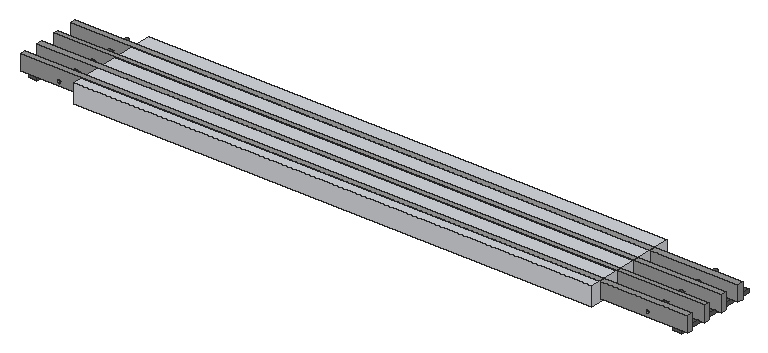
Revit family "1213-4, Solid", category Generic Models, host Face, Revit 2020
Family settings
  Host = Face
  Can host rebar = No
  Round Connector Dimension = Use Diameter
  Part Type = Normal
  Cut with Voids When Loaded = No
  Shared = No
  Room Calculation Point = No
Parameters
  min_value [instance] = 1' - 11 1/4"  # constant formula
  max_value [instance] = 11' - 11 1/4"  # constant formula
  actual_value [instance] = if(NET LENGTH < min_value, min_value, if(NET LENGTH > max_value, max_value, NET LENGTH))  # 7' - 11 1/4"
  NET LENGTH [instance] = 7' - 11 1/4"
  IMPORTANT NOTE!!!                                                                             *Backer & dowel layout is for visualization purposes only, final layout to be determined by 9Wood. [instance] = ""
  Default Elevation = 4' - 0"
  DOWEL RADIUS [instance] = 0' - 0 1/4"  # constant formula
  BACKING M MATERIAL [instance] = BLACK-BACKERS
  .. MEMBER WIDTH [instance] = 0' - 0 3/4"  # constant formula
  .. MEMBER MATERIAL [instance] = Solid Western Hemlock
  .. MEMBER DEPTH [instance] = 0' - 2 1/4"  # constant formula
  .. MEMBER COUNT [instance] = 4  # constant formula
Reference planes (in)
  plane 1 "Center (Front/Back)": y = 0
  plane 2: z = 2.726
  plane 3 "Center (Left/Right)": x = 0
Forms (in)
  Extrusion 1, solid
    sketch origin (15, -0.86619, -0.99308) x (0, 1, 0) y (-1, 0, 0)
      loop
        line (3.42869, -23.66817) -> (3.42869, 50.25) -> (-10, 50.25) -> (-10, -23.66817) -> (3.42869, -23.66817)
    from 3.71908 to 1.00111
Dimensions and locks (in)
  aligned and locked: plane 2 to Extrusion 1
Nested families (in)
  nested 1: "1200 Series" at (-44, -2, 1.87867), NET LENGTH <- "actual_value", DOWEL RADII <- "DOWEL RADIUS", .. MEMBER WIDTH <- ".. MEMBER WIDTH", .. MEMBER DEPTH <- ".. MEMBER DEPTH", .. MEMBER MATERIAL <- ".. MEMBER MATERIAL", BACKING M MATERIAL <- "BACKING M MATERIAL", .. MEMBER COUNT <- ".. MEMBER COUNT", type "1200 Series"
    with X 7' - 4", WIDTH 1' - 0 1/16", Space 0' - 0 11/16", START 0' - 0 3/8", SCRIM MATERIAL SCRIM, SCRIM 3 8' - 1", SCRIM 2 0' - 0 7/8", SCRIM 1 0' - 0 3/32", SCRIM yes, NET LENGTH 7' - 11 1/4", N 8, INSET 3 0' - 0 3/16", INSET 0' - 1", INDEX 0' - 5 5/8", END BACKER yes, DOWEL RADII 0' - 0 1/4", DOWEL COUNT 8, BACKING M WIDTH 0' - 1 1/4", BACKING M MATERIAL BLACK-BACKERS, BACKING M LENGTH 0' - 11 7/8", BACKING M DEPTH 0' - 0 1/2", .. MEMBER WIDTH 0' - 0 3/4", .. MEMBER OC TYP 0' - 3", .. MEMBER MATERIAL Solid Western Hemlock, .. MEMBER DEPTH 0' - 2 1/4", .. MEMBER COUNT 4
Definition of nested family "1200 Series"
  Parameters (values of type "1200 Series")
    X [instance] = NET LENGTH - (0' 3 5/8" * 2)  # 6' - 2"
    WIDTH [instance] = 1' - 0 1/16"
    Space [instance] = 0' - 0 11/16"  # constant formula
    START [instance] = .. MEMBER WIDTH / 2  # 0' - 0 3/8"
    SCRIM MATERIAL [instance] = none
    SCRIM 3 [instance] = NET LENGTH + (SCRIM 2 * 2)  # 6' - 11"
    SCRIM 2 [instance] = 0' - 0 7/8"
    SCRIM 1 [instance] = 0' - 0 3/32"
    SCRIM [instance] = yes
    NET LENGTH [instance] = 6' - 9 1/4"
    N [instance] = if((X - (rounddown(X / 1' 0") * 1' 0")) > 1' 0", rounddown(X / 1' 0") + 2, rounddown(X / 1' 0") + 1)  # 7
    INSET 3 [instance] = 0' - 0 3/16"
    INSET [instance] = 0' - 1"
    INDEX [instance] = (NET LENGTH - ((N - 1) * 1' 0")) / 2  # 0' - 4 5/8"
    END BACKER [instance] = yes
    Default Elevation = 0' - 0"
    DOWEL RADII [instance] = 0' - 0 1/4"
    DOWEL COUNT [instance] = N  # 7
    BACKING M WIDTH [instance] = 0' - 1 1/4"
    BACKING M MATERIAL [instance] = none
    BACKING M LENGTH [instance] = 0' - 11 7/8"
    BACKING M DEPTH [instance] = 0' - 0 1/2"
    .. MEMBER WIDTH [instance] = 0' - 0 3/4"
    .. MEMBER OC TYP [instance] = 1' 0" / .. MEMBER COUNT  # 0' - 3"
    .. MEMBER MATERIAL [instance] = none
    .. MEMBER DEPTH [instance] = 0' - 1 3/8"
    .. MEMBER COUNT [instance] = 4
  Reference planes (in)
    plane 1 "Center (Front/Back)": y = -7.5
    plane 2: z = 0
    plane 3 "Center (Left/Right)": x = 0
    plane 4: x = 1
    plane 5: x = 4.625
    plane 6: x = 81.25
    plane 7: x = 80.25
    plane 8: x = 16.625
    plane 9: y = -7.3125
    plane 10: y = -4.125
    plane 11: y = -7.125
    plane 12: y = 4.5625
    plane 13: y = -4.5
    plane 14: y = -7.59375
    plane 15: x = 82.125
    plane 16: y = 4.65625
    plane 17: x = -0.875
    plane 18: z = -1.375
    plane 19: z = -0.6875
  Lines and regions (in)
    model lines
      curve 1: line (4.375, -7.5, -0.6875) -> (4.875, -7.5, -0.6875)
    model lines, not visible
      curve 2: line (4.625, -7.5, -0.9375) -> (4.625, -7.5, -0.4375)
      curve 3: line (4.375, -7.5, -0.6875) -> (4.875, -7.5, -0.6875)
      curve 4: line (16.625, -7.5, -0.9375) -> (16.625, -7.5, -0.4375)
      curve 5: line (16.375, -7.5, -0.6875) -> (16.875, -7.5, -0.6875)
      curve 6: line (28.625, -7.5, -0.9375) -> (28.625, -7.5, -0.4375)
      curve 7: line (28.375, -7.5, -0.6875) -> (28.875, -7.5, -0.6875)
      curve 8: line (40.625, -7.5, -0.9375) -> (40.625, -7.5, -0.4375)
      curve 9: line (40.375, -7.5, -0.6875) -> (40.875, -7.5, -0.6875)
      curve 10: line (52.625, -7.5, -0.9375) -> (52.625, -7.5, -0.4375)
      curve 11: line (52.375, -7.5, -0.6875) -> (52.875, -7.5, -0.6875)
      curve 12: line (64.625, -7.5, -0.9375) -> (64.625, -7.5, -0.4375)
      curve 13: line (64.375, -7.5, -0.6875) -> (64.875, -7.5, -0.6875)
      curve 14: line (76.625, -7.5, -0.9375) -> (76.625, -7.5, -0.4375)
      curve 15: line (76.375, -7.5, -0.6875) -> (76.875, -7.5, -0.6875)
  Dimensions and locks (in)
    "NET LENGTH": plane 3 "Center (Left/Right)" to plane 6
    "INSET": plane 7 to plane 6
    "INDEX": plane 3 "Center (Left/Right)" to plane 5
    plane 5 to plane 8 = 1' - 0"
    "INSET 3": plane 1 "Center (Front/Back)" to plane 9
    equal spacing: group 1, group 2, group 3, group 4  (x3)
    "START": plane 11 to plane 1 "Center (Front/Back)"
    ".. MEMBER OC TYP": plane 10 to plane 11
    "WIDTH": plane 12 to plane 1 "Center (Front/Back)"
    "START": plane 10 to plane 13
    "SCRIM 1": plane 14 to plane 1 "Center (Front/Back)"
    "SCRIM 2": plane 6 to plane 15
    "SCRIM 1": plane 12 to plane 16
    "SCRIM 2": plane 17 to plane 3 "Center (Left/Right)"
    "INSET": plane 3 "Center (Left/Right)" to plane 4
    equal spacing: group 5, group 6, group 7, group 8, group 9, group 10, group 11  (x3)
    "Space": plane 19 to plane 18
    aligned and locked: level to plane 2
    aligned and locked: nested 1 to plane 4  (x2)
    aligned and locked: plane 7 to nested 2
    aligned and locked: plane 5 to nested 3
    aligned and locked: nested 1 to plane 9
    aligned and locked: plane 1 "Center (Front/Back)" to nested 4
    aligned and locked: plane 9 to nested 2
    aligned and locked: plane 13 to nested 5
    aligned and locked: nested 3 to plane 9
    aligned and locked: plane 18 to nested 1
    aligned and locked: plane 19 to nested 3
    aligned and locked: curve 1 to plane 19
    aligned and locked: plane 8 to curve 4
    aligned and locked: curve 5 to plane 19
    aligned and locked: nested 4 to plane 18
  Automatic sketch dimensions
    curve 1 to curve 1 = 0' - 0 1/2"
    curve 1 to plane 5 = 0' - 0 1/4"
    plane 5 to curve 1 = 0' - 0 1/4"
    curve 3 to curve 2 = 0' - 0 1/4"  (x2)
    curve 2 to curve 3 = 0' - 0 1/4"  (x2)
    curve 5 to curve 4 = 0' - 0 1/4"  (x2)
    curve 4 to curve 5 = 0' - 0 1/4"  (x2)
    curve 7 to curve 6 = 0' - 0 1/4"  (x2)
    curve 6 to curve 7 = 0' - 0 1/4"  (x2)
    curve 9 to curve 8 = 0' - 0 1/4"  (x2)
    curve 8 to curve 9 = 0' - 0 1/4"  (x2)
    curve 11 to curve 10 = 0' - 0 1/4"  (x2)
    curve 10 to curve 11 = 0' - 0 1/4"  (x2)
    curve 13 to curve 12 = 0' - 0 1/4"  (x2)
    curve 12 to curve 13 = 0' - 0 1/4"  (x2)
    curve 15 to curve 14 = 0' - 0 1/4"  (x2)
    curve 14 to curve 15 = 0' - 0 1/4"  (x2)
  Nested families (in)
    nested 1: "INSTANCE - 2ND -  EXTEND SIDE H CENTER W - Parametric Cube" at (1, -1.375, -1.375) x (0, -1, 0) z (0, 0, 1), Width <- "BACKING M LENGTH", Length <- "BACKING M WIDTH", Material <- "BACKING M MATERIAL", Height <- "BACKING M DEPTH", visible <- "END BACKER", type "INSTANCE - 2ND -  EXTEND SIDE H CENTER W - Parametric Cube"
      with Width 0' - 11 7/8", Material none, Length 0' - 1 1/4", Height 0' - 0 1/2"
    nested 2: "INSTANCE - 2ND -  EXTEND SIDE H CENTER W - Parametric Cube" at (80.25, -1.375, -1.375) x (0, -1, 0) z (0, 0, 1), Width <- "BACKING M LENGTH", Length <- "BACKING M WIDTH", Material <- "BACKING M MATERIAL", Height <- "BACKING M DEPTH", visible <- "END BACKER", type "INSTANCE - 2ND -  EXTEND SIDE H CENTER W - Parametric Cube"
      with Width 0' - 11 7/8", Material none, Length 0' - 1 1/4", Height 0' - 0 1/2"
    nested 3: "Family3" at (-5.375, -7.3125, -0.6875), DOWEL RADII <- "DOWEL RADII", BACKING MEM MATERIAL <- "BACKING M MATERIAL", type "Family3"
      with DOWEL RADII 0' - 0 1/4", DOWEL LENGTH 0' - 11 7/8", BACKING MEM MATERIAL none
    nested 4: "HOLED MEMBER" at (0, -18.75, 6.19404), DOWEL RADII <- "DOWEL RADII", .. MEMBER LENGTH <- "NET LENGTH", DOWEL COUNT <- "DOWEL COUNT", DEPTH <- ".. MEMBER DEPTH", .. MEMBER WIDTH <- ".. MEMBER WIDTH", Material <- ".. MEMBER MATERIAL", DOWEL INDEX <- "INDEX", Space 2 <- "Space", type "HOLED MEMBER"
      with Width 0' - 6", Space 2 0' - 0 11/16", Material none, Length 1' - 0", Height 0' - 10.43096", DOWEL RADII 0' - 0 1/4", DOWEL OC DIST 1' - 0", DOWEL INDEX 0' - 4 5/8", DOWEL COUNT 7, DEPTH 0' - 1 3/8", .. MEMBER WIDTH 0' - 0 3/4", .. MEMBER LENGTH 6' - 9 1/4"
    nested 5: "HOLED MEMBER" at (0, -15.75, 6.19404), DOWEL RADII <- "DOWEL RADII", .. MEMBER LENGTH <- "NET LENGTH", DOWEL COUNT <- "DOWEL COUNT", DEPTH <- ".. MEMBER DEPTH", .. MEMBER WIDTH <- ".. MEMBER WIDTH", Material <- ".. MEMBER MATERIAL", DOWEL INDEX <- "INDEX", Space 2 <- "Space", type "HOLED MEMBER"
      with Width 0' - 6", Space 2 0' - 0 11/16", Material none, Length 1' - 0", Height 0' - 10.43096", DOWEL RADII 0' - 0 1/4", DOWEL OC DIST 1' - 0", DOWEL INDEX 0' - 4 5/8", DOWEL COUNT 7, DEPTH 0' - 1 3/8", .. MEMBER WIDTH 0' - 0 3/4", .. MEMBER LENGTH 6' - 9 1/4"
    nested 6: "HOLED MEMBER" at (0, -12.75, 6.19404), DOWEL RADII <- "DOWEL RADII", .. MEMBER LENGTH <- "NET LENGTH", DOWEL COUNT <- "DOWEL COUNT", DEPTH <- ".. MEMBER DEPTH", .. MEMBER WIDTH <- ".. MEMBER WIDTH", Material <- ".. MEMBER MATERIAL", DOWEL INDEX <- "INDEX", Space 2 <- "Space", type "HOLED MEMBER"
      with Width 0' - 6", Space 2 0' - 0 11/16", Material none, Length 1' - 0", Height 0' - 10.43096", DOWEL RADII 0' - 0 1/4", DOWEL OC DIST 1' - 0", DOWEL INDEX 0' - 4 5/8", DOWEL COUNT 7, DEPTH 0' - 1 3/8", .. MEMBER WIDTH 0' - 0 3/4", .. MEMBER LENGTH 6' - 9 1/4"
    nested 7: "HOLED MEMBER" at (0, -9.75, 6.19404), DOWEL RADII <- "DOWEL RADII", .. MEMBER LENGTH <- "NET LENGTH", DOWEL COUNT <- "DOWEL COUNT", DEPTH <- ".. MEMBER DEPTH", .. MEMBER WIDTH <- ".. MEMBER WIDTH", Material <- ".. MEMBER MATERIAL", DOWEL INDEX <- "INDEX", Space 2 <- "Space", type "HOLED MEMBER"
      with Width 0' - 6", Space 2 0' - 0 11/16", Material none, Length 1' - 0", Height 0' - 10.43096", DOWEL RADII 0' - 0 1/4", DOWEL OC DIST 1' - 0", DOWEL INDEX 0' - 4 5/8", DOWEL COUNT 7, DEPTH 0' - 1 3/8", .. MEMBER WIDTH 0' - 0 3/4", .. MEMBER LENGTH 6' - 9 1/4"
    nested 8: "Family3" at (6.625, -7.3125, -0.6875), DOWEL RADII <- "DOWEL RADII", BACKING MEM MATERIAL <- "BACKING M MATERIAL", type "Family3"
      with DOWEL RADII 0' - 0 1/4", DOWEL LENGTH 0' - 11 7/8", BACKING MEM MATERIAL none
    nested 9: "Family3" at (18.625, -7.3125, -0.6875), DOWEL RADII <- "DOWEL RADII", BACKING MEM MATERIAL <- "BACKING M MATERIAL", type "Family3"
      with DOWEL RADII 0' - 0 1/4", DOWEL LENGTH 0' - 11 7/8", BACKING MEM MATERIAL none
    nested 10: "Family3" at (30.625, -7.3125, -0.6875), DOWEL RADII <- "DOWEL RADII", BACKING MEM MATERIAL <- "BACKING M MATERIAL", type "Family3"
      with DOWEL RADII 0' - 0 1/4", DOWEL LENGTH 0' - 11 7/8", BACKING MEM MATERIAL none
    nested 11: "Family3" at (42.625, -7.3125, -0.6875), DOWEL RADII <- "DOWEL RADII", BACKING MEM MATERIAL <- "BACKING M MATERIAL", type "Family3"
      with DOWEL RADII 0' - 0 1/4", DOWEL LENGTH 0' - 11 7/8", BACKING MEM MATERIAL none
    nested 12: "Family3" at (54.625, -7.3125, -0.6875), DOWEL RADII <- "DOWEL RADII", BACKING MEM MATERIAL <- "BACKING M MATERIAL", type "Family3"
      with DOWEL RADII 0' - 0 1/4", DOWEL LENGTH 0' - 11 7/8", BACKING MEM MATERIAL none
    nested 13: "Family3" at (66.625, -7.3125, -0.6875), DOWEL RADII <- "DOWEL RADII", BACKING MEM MATERIAL <- "BACKING M MATERIAL", type "Family3"
      with DOWEL RADII 0' - 0 1/4", DOWEL LENGTH 0' - 11 7/8", BACKING MEM MATERIAL none
  Definition of nested family "INSTANCE - 2ND -  EXTEND SIDE H CENTER W - Parametric Cube"
    Parameters (values of type "INSTANCE - 2ND -  EXTEND SIDE H CENTER W - Parametric Cube")
      Width [instance] = 0' - 6"
      Material [instance] = none
      Length [instance] = 1' - 0"
      Height [instance] = 1' - 6"
      Default Elevation = 0' - 0"
    Reference planes (in)
      plane 1 "Center (Front/Back)": y = 0
      plane 2: z = 0
      plane 3 "Center (Left/Right)": x = 0
      plane 4: x = -3
      plane 5: x = 3
      plane 6: y = 12
      plane 7: z = -18
    Forms (in)
      Extrusion 1, solid, material <- "Material"
        sketch origin (0, 6, 0) x (1, 0, 0) y (0, 1, 0)
          loop
            line (-3, 6) -> (-3, -6) -> (3, -6) -> (3, 6) -> (-3, 6)
        from -18 to 0
    Dimensions and locks (in)
      equal spacing: plane 4, plane 3 "Center (Left/Right)", plane 5
      "Width": plane 4 to plane 5
      "Height": plane 7 to level
      "Length": plane 1 "Center (Front/Back)" to plane 6
      aligned and locked: plane 2 to level
      aligned and locked: plane 4 to Extrusion 1 sketch curve
      aligned and locked: Extrusion 1 sketch curve to plane 5
      aligned and locked: Extrusion 1 to plane 7
      aligned and locked: plane 6 to Extrusion 1
    Automatic sketch dimensions
      plane 1 "Center (Front/Back)" to Extrusion 1 sketch curve = 0' - 0"
      plane 6 to Extrusion 1 sketch curve = 0' - 0"
  Definition of nested family "Family3"
    Parameters (values of type "Family3")
      Default Elevation = 0' - 0"
      DOWEL RADII [instance] = 0' - 0 5/8"
      DOWEL LENGTH [instance] = 0' - 5"
      BACKING MEM MATERIAL [instance] = none
    Reference planes (in)
      plane 1 "Center (Front/Back)": y = 0
      plane 2: z = 0
      plane 3 "Center (Left/Right)": x = 0
      plane 4: y = 5
    Forms (in)
      Extrusion 1, solid, material <- "BACKING MEM MATERIAL"
        sketch origin (10, 0, 0) x (1, 0, 0) y (0, 0, 1)
          loop
            circle (0, 0) r 0.625
        from 0 to -5
      Extrusion 2, solid, not visible
        sketch origin (0, 0, 0) x (1, 0, 0) y (0, 0, 1)
          loop
            circle (0, 0) r 0.625
        from 0 to 12
      Extrusion 3, solid, not visible
        sketch origin (10, 0, 0) x (1, 0, 0) y (0, 0, 1)
          loop
            circle (0, 0) r 0.625
        from 0 to 2.5
      Extrusion 4, solid, not visible
        sketch origin (10, 0, 0) x (1, 0, 0) y (0, 0, 1)
          loop
            circle (0, 0) r 0.625
        from 0 to -12
    Lines and regions (in)
      model lines, not visible
        curve 1: line (-13, 0, 0) -> (-13, -12, 0)
        curve 2: line (13, 0, 0) -> (13, -12, 0)
        curve 3: line (9.89453, 0, 0) -> (10.08794, 0, 0)
        curve 4: line (9.89453, -2.5, 0) -> (10.08794, -2.5, 0)
        curve 6: line (10, 0, 0) -> (10, 2, 0)
      model lines
        curve 5: line (10, 0, 0) -> (10, 2, 0)
    Dimensions and locks (in)
      "DOWEL LENGTH": plane 1 "Center (Front/Back)" to plane 4
      "DOWEL RADII": radius of Extrusion 1 sketch curve
      "DOWEL RADII": radius of Extrusion 2 sketch curve
      "DOWEL RADII": radius of Extrusion 3 sketch curve
      "DOWEL RADII": radius of Extrusion 4 sketch curve
      "DOWEL RADII": radius of Extrusion 1
      aligned and locked: plane 2 to level
      aligned and locked: Extrusion 1 to plane 1 "Center (Front/Back)"  (x3)
      aligned and locked: plane 1 "Center (Front/Back)" to Extrusion 1
      aligned and locked: plane 4 to Extrusion 1
    Automatic sketch dimensions
      plane 1 "Center (Front/Back)" to curve 5 = 0' - 0"
      curve 5 to plane 1 "Center (Front/Back)" = 0' - 2"
      plane 3 "Center (Left/Right)" to curve 5 = 0' - 10"
      Extrusion 1 sketch curve to level = 0' - 0"
      plane 3 "Center (Left/Right)" to Extrusion 1 sketch curve = 0' - 10"
  Definition of nested family "HOLED MEMBER"
    Parameters (values of type "HOLED MEMBER")
      Width [instance] = 0' - 6"
      Space 2 [instance] = 0' - 0 5/8"
      Space = 0' - 0 5/8"
      Material [instance] = none
      Length [instance] = 1' - 0"
      Height [instance] = 0' - 10.43096"
      Default Elevation = 0' - 0"
      DOWEL RADII [instance] = 0' - 0.34537"
      DOWEL OC DIST [instance] = 1' - 0"
      DOWEL INSET = 0' - 0 5/8"
      DOWEL INDEX [instance] = 0' - 5 5/8"
      DOWEL COUNT [instance] = 6
      DEPTH [instance] = 0' - 2"
      .. MEMBER WIDTH [instance] = 0' - 0 5/8"
      .. MEMBER LENGTH [instance] = 5' - 11 3/4"
    Reference planes (in)
      plane 1 "Center (Front/Back)": y = 12
      plane 2: z = -7.56904
      plane 3 "Center (Left/Right)": x = 0
      plane 4: x = 5.625
      plane 5: x = 17.625
      plane 6: y = 11.375
      plane 7: x = 71.75
      plane 8: z = -6.94404
      plane 9: z = -5.56904
    Forms (in)
      Extrusion 1, solid, material <- "Material"
        sketch origin (0, 12, -13.56904) x (1, 0, 0) y (0, 0, 1)
          loop
            line (0, 6) -> (71.75, 6) -> (71.75, 8) -> (0, 8) -> (0, 6)
        from 0.625 to 0
      Extrusion 2, void
        sketch origin (0, 12, -18.31904) x (1, 0, 0) y (0, 0, 1)
          loop
            circle (5.625, 11.375) r 0.34537
        from 0 to 12
      Extrusion 3, void, not visible
        sketch origin (0, 1.25, 0) x (1, 0, 0) y (0, 1, 0)
          loop
            circle (5.625, 11.375) r 0.34537
        from 0 to 12
      Extrusion 4, void, not visible
        sketch origin (0, 1.25, 0) x (1, 0, 0) y (0, 1, 0)
          loop
            circle (5.625, 11.375) r 0.34537
        from 0 to 12
      Extrusion 5, void, not visible
        sketch origin (12, 1.25, 0) x (1, 0, 0) y (0, 1, 0)
          loop
            circle (5.625, 11.375) r 0.34537
        from 0 to 12
      Extrusion 6, void, not visible
        sketch origin (0, 12, -16.31904) x (1, 0, 0) y (0, 0, 1)
          loop
            circle (5.625, 11.375) r 0.34537
        from 0 to 12
      Extrusion 7, void, not visible
        sketch origin (12, 12, -16.31904) x (1, 0, 0) y (0, 0, 1)
          loop
            circle (5.625, 11.375) r 0.34537
        from 0 to 12
      Extrusion 8, void, not visible
        sketch origin (0, 12, -18.31904) x (1, 0, 0) y (0, 0, 1)
          loop
            circle (5.625, 11.375) r 0.34537
        from 0 to 12
      Extrusion 9, void
        sketch origin (12, 12, -18.31904) x (1, 0, 0) y (0, 0, 1)
          loop
            circle (5.625, 11.375) r 0.34537
        from 0 to 12
      Extrusion 10, void, not visible
        sketch origin (24, 12, -16.31904) x (1, 0, 0) y (0, 0, 1)
          loop
            circle (5.625, 11.375) r 0.34537
        from 0 to 12
      Extrusion 11, void, not visible
        sketch origin (36, 12, -16.31904) x (1, 0, 0) y (0, 0, 1)
          loop
            circle (5.625, 11.375) r 0.34537
        from 0 to 12
      Extrusion 12, void, not visible
        sketch origin (48, 12, -16.31904) x (1, 0, 0) y (0, 0, 1)
          loop
            circle (5.625, 11.375) r 0.34537
        from 0 to 12
      Extrusion 13, void, not visible
        sketch origin (60, 12, -16.31904) x (1, 0, 0) y (0, 0, 1)
          loop
            circle (5.625, 11.375) r 0.34537
        from 0 to 12
      Extrusion 14, void, not visible
        sketch origin (24, 1.25, 0) x (1, 0, 0) y (0, 1, 0)
          loop
            circle (5.625, 11.375) r 0.34537
        from 0 to 12
      Extrusion 15, void, not visible
        sketch origin (36, 1.25, 0) x (1, 0, 0) y (0, 1, 0)
          loop
            circle (5.625, 11.375) r 0.34537
        from 0 to 12
      Extrusion 16, void, not visible
        sketch origin (48, 1.25, 0) x (1, 0, 0) y (0, 1, 0)
          loop
            circle (5.625, 11.375) r 0.34537
        from 0 to 12
      Extrusion 17, void, not visible
        sketch origin (60, 1.25, 0) x (1, 0, 0) y (0, 1, 0)
          loop
            circle (5.625, 11.375) r 0.34537
        from 0 to 12
      Extrusion 18, void
        sketch origin (24, 12, -18.31904) x (1, 0, 0) y (0, 0, 1)
          loop
            circle (5.625, 11.375) r 0.34537
        from 0 to 12
      Extrusion 19, void
        sketch origin (36, 12, -18.31904) x (1, 0, 0) y (0, 0, 1)
          loop
            circle (5.625, 11.375) r 0.34537
        from 0 to 12
      Extrusion 20, void
        sketch origin (48, 12, -18.31904) x (1, 0, 0) y (0, 0, 1)
          loop
            circle (5.625, 11.375) r 0.34537
        from 0 to 12
      Extrusion 21, void
        sketch origin (60, 12, -18.31904) x (1, 0, 0) y (0, 0, 1)
          loop
            circle (5.625, 11.375) r 0.34537
        from 0 to 12
    Cuts and joins
      Extrusion 2, Extrusion 9, Extrusion 18, Extrusion 19, Extrusion 20, Extrusion 21 cuts Extrusion 1
    Lines and regions (in)
      model lines, not visible
        curve 1: line (5.625, 11.72037, 0) -> (5.625, 11.02963, 0)
        curve 2: line (5.625, 11.72037, 0) -> (5.625, 11.02963, 0)
        curve 3: line (17.625, 11.72037, 0) -> (17.625, 11.02963, 0)
        curve 4: line (5.625, 12, -7.56904) -> (5.625, 11.87317, -7.56904)
        curve 5: line (5.625, 11.87317, -7.56904) -> (5.06195, 11.87317, -7.56904)
        curve 6: line (5.06195, 11.87317, -7.56904) -> (5.27963, 11.375, -7.56904)
        curve 7: line (0, 12, -6.19404) -> (0, 11.61951, -6.19404)
        curve 8: line (0, 11.375, -8.19404) -> (0, 11.6747, -8.19404)
        curve 9: line (5.625, 12, -7.56904) -> (5.625, 11.69863, -7.56904)
        curve 11: line (5.625, 12, 0) -> (5.625, 12, 0.30137)
        curve 12: line (5.625, 12, 0) -> (5.625, 12, 0.30137)
        curve 13: line (17.625, 12, 0) -> (17.625, 12, 0.30137)
        curve 14: line (5.625, 12, -5.56904) -> (5.625, 11.69863, -5.56904)
        curve 15: line (17.625, 12, -5.56904) -> (17.625, 11.69863, -5.56904)
        curve 16: line (5.625, 12, -7.56904) -> (5.625, 11.69863, -7.56904)
        curve 18: line (29.625, 12, -5.56904) -> (29.625, 11.69863, -5.56904)
        curve 19: line (41.625, 12, -5.56904) -> (41.625, 11.69863, -5.56904)
        curve 20: line (53.625, 12, -5.56904) -> (53.625, 11.69863, -5.56904)
        curve 21: line (65.625, 12, -5.56904) -> (65.625, 11.69863, -5.56904)
        curve 22: line (29.625, 11.72037, 0) -> (29.625, 11.02963, 0)
        curve 23: line (29.625, 12, 0) -> (29.625, 12, 0.30137)
        curve 24: line (41.625, 11.72037, 0) -> (41.625, 11.02963, 0)
        curve 25: line (41.625, 12, 0) -> (41.625, 12, 0.30137)
        curve 26: line (53.625, 11.72037, 0) -> (53.625, 11.02963, 0)
        curve 27: line (53.625, 12, 0) -> (53.625, 12, 0.30137)
        curve 28: line (65.625, 11.72037, 0) -> (65.625, 11.02963, 0)
        curve 29: line (65.625, 12, 0) -> (65.625, 12, 0.30137)
        curve 35: line (5.27963, 12.625, 0) -> (5.97037, 12.625, 0)
        curve 36: line (5.27963, 12.625, 0) -> (5.97037, 12.625, 0)
        curve 37: line (17.27963, 12.625, 0) -> (17.97037, 12.625, 0)
        curve 38: line (5.27963, 12, -4.94404) -> (5.97037, 12, -4.94404)
        curve 39: line (17.27963, 12, -4.94404) -> (17.97037, 12, -4.94404)
        curve 40: line (5.27963, 12, -6.94404) -> (5.97037, 12, -6.94404)
        curve 42: line (29.27963, 12, -4.94404) -> (29.97037, 12, -4.94404)
        curve 43: line (41.27963, 12, -4.94404) -> (41.97037, 12, -4.94404)
        curve 44: line (53.27963, 12, -4.94404) -> (53.97037, 12, -4.94404)
        curve 45: line (65.27963, 12, -4.94404) -> (65.97037, 12, -4.94404)
        curve 46: line (29.27963, 12.625, 0) -> (29.97037, 12.625, 0)
        curve 47: line (41.27963, 12.625, 0) -> (41.97037, 12.625, 0)
        curve 48: line (53.27963, 12.625, 0) -> (53.97037, 12.625, 0)
        curve 49: line (65.27963, 12.625, 0) -> (65.97037, 12.625, 0)
        curve 54: line (0, 12, -6.94404) -> (0, 4.22059, -6.94404)
        curve 55: line (0, 12.625, 0) -> (0, 12.625, 7.77941)
        curve 56: line (0, 12.625, 0) -> (0, 12.625, 7.77941)
        curve 57: line (12, 12.625, 0) -> (12, 12.625, 7.77941)
        curve 58: line (0, 12, -4.94404) -> (0, 4.22059, -4.94404)
        curve 59: line (12, 12, -4.94404) -> (12, 4.22059, -4.94404)
        curve 60: line (0, 12, -6.94404) -> (0, 4.22059, -6.94404)
        curve 61: line (12, 12, -6.94404) -> (12, 4.22059, -6.94404)
        curve 62: line (24, 12, -4.94404) -> (24, 4.22059, -4.94404)
        curve 63: line (36, 12, -4.94404) -> (36, 4.22059, -4.94404)
        curve 64: line (48, 12, -4.94404) -> (48, 4.22059, -4.94404)
        curve 65: line (60, 12, -4.94404) -> (60, 4.22059, -4.94404)
        curve 66: line (24, 12.625, 0) -> (24, 12.625, 7.77941)
        curve 67: line (36, 12.625, 0) -> (36, 12.625, 7.77941)
        curve 68: line (48, 12.625, 0) -> (48, 12.625, 7.77941)
        curve 69: line (60, 12.625, 0) -> (60, 12.625, 7.77941)
        curve 70: line (24, 12, -6.94404) -> (24, 4.22059, -6.94404)
        curve 71: line (36, 12, -6.94404) -> (36, 4.22059, -6.94404)
        curve 72: line (48, 12, -6.94404) -> (48, 4.22059, -6.94404)
        curve 73: line (60, 12, -6.94404) -> (60, 4.22059, -6.94404)
      model lines
        curve 10: line (5.625, 12, -7.56904) -> (5.625, 11.69863, -7.56904)
        curve 17: line (17.625, 12, -7.56904) -> (17.625, 11.69863, -7.56904)
        curve 30: line (29.625, 12, -7.56904) -> (29.625, 11.69863, -7.56904)
        curve 31: line (41.625, 12, -7.56904) -> (41.625, 11.69863, -7.56904)
        curve 32: line (53.625, 12, -7.56904) -> (53.625, 11.69863, -7.56904)
        curve 33: line (65.625, 12, -7.56904) -> (65.625, 11.69863, -7.56904)
        curve 34: line (5.27963, 12, -6.94404) -> (5.97037, 12, -6.94404)
        curve 41: line (17.27963, 12, -6.94404) -> (17.97037, 12, -6.94404)
        curve 50: line (29.27963, 12, -6.94404) -> (29.97037, 12, -6.94404)
        curve 51: line (41.27963, 12, -6.94404) -> (41.97037, 12, -6.94404)
        curve 52: line (53.27963, 12, -6.94404) -> (53.97037, 12, -6.94404)
        curve 53: line (65.27963, 12, -6.94404) -> (65.97037, 12, -6.94404)
    Dimensions and locks (in)
      "DOWEL INDEX": plane 3 "Center (Left/Right)" to plane 4
      "DOWEL OC DIST": plane 4 to plane 5
      ".. MEMBER LENGTH": plane 3 "Center (Left/Right)" to plane 7
      equal spacing: group 3, group 4, group 17, group 18, group 19, group 20  (x3)
      equal spacing: group 7, group 8, group 13, group 14, group 15, group 16  (x3)
      equal spacing: group 1, group 12, group 21, group 22, group 23, group 24  (x3)
      ".. MEMBER WIDTH": plane 6 to plane 1 "Center (Front/Back)"
      "DEPTH": plane 9 to level
      "Space 2": plane 8 to level
      "DOWEL RADII": radius of Extrusion 2 sketch curve
      "DOWEL RADII": radius of Extrusion 3 sketch curve
      "DOWEL RADII": radius of Extrusion 4 sketch curve
      "DOWEL RADII": radius of Extrusion 5 sketch curve
      "DOWEL RADII": radius of Extrusion 6 sketch curve
      "DOWEL RADII": radius of Extrusion 7 sketch curve
      "DOWEL RADII": radius of Extrusion 8 sketch curve
      "DOWEL RADII": radius of Extrusion 9 sketch curve
      "DOWEL RADII": radius of Extrusion 10 sketch curve
      "DOWEL RADII": radius of Extrusion 11 sketch curve
      "DOWEL RADII": radius of Extrusion 12 sketch curve
      "DOWEL RADII": radius of Extrusion 13 sketch curve
      "DOWEL RADII": radius of Extrusion 14 sketch curve
      "DOWEL RADII": radius of Extrusion 15 sketch curve
      "DOWEL RADII": radius of Extrusion 16 sketch curve
      "DOWEL RADII": radius of Extrusion 17 sketch curve
      "DOWEL RADII": radius of Extrusion 18 sketch curve
      "DOWEL RADII": radius of Extrusion 19 sketch curve
      "DOWEL RADII": radius of Extrusion 20 sketch curve
      "DOWEL RADII": radius of Extrusion 21 sketch curve
      aligned and locked: level to plane 2
      aligned and locked: Extrusion 1 to plane 3 "Center (Left/Right)"  (x2)
      aligned and locked: plane 7 to cut or joined group of Extrusion 1, Extrusion 2, Extrusion 9, Extrusion 18, Extrusion 19, Extrusion 20, Extrusion 21  (x2)
      aligned and locked: cut or joined group of Extrusion 1, Extrusion 2, Extrusion 9, Extrusion 18, Extrusion 19, Extrusion 20, Extrusion 21 to plane 1 "Center (Front/Back)"  (x2)
      aligned and locked: cut or joined group of Extrusion 1, Extrusion 2, Extrusion 9, Extrusion 18, Extrusion 19, Extrusion 20, Extrusion 21 to plane 6  (x2)
      aligned and locked: plane 4 to curve 10
      aligned and locked: plane 5 to curve 17
      aligned and locked: plane 9 to cut or joined group of Extrusion 1, Extrusion 2, Extrusion 9, Extrusion 18, Extrusion 19, Extrusion 20, Extrusion 21  (x2)
      aligned and locked: cut or joined group of Extrusion 1, Extrusion 2, Extrusion 9, Extrusion 18, Extrusion 19, Extrusion 20, Extrusion 21 to level
      aligned and locked: plane 8 to Extrusion 2
      aligned and locked: curve 34 to plane 8
      aligned and locked: curve 41 to plane 8
      aligned and locked: level to curve 10
      aligned and locked: curve 10 to level
      aligned and locked: plane 8 to cut or joined group of Extrusion 1, Extrusion 2, Extrusion 9, Extrusion 18, Extrusion 19, Extrusion 20, Extrusion 21
      aligned and locked: curve 54 to plane 8
    Automatic sketch dimensions
      curve 1 to curve 1 = 0' - 0.69074"
      curve 2 to curve 2 = 0' - 0.69074"
      curve 3 to curve 3 = 0' - 0.69074"
      Extrusion 1 sketch curve to plane 3 "Center (Left/Right)" = 0' - 0"
      Extrusion 1 sketch curve to plane 7 = 0' - 0"
      Extrusion 1 sketch curve to Extrusion 1 sketch curve = 0' - 2"
      level to Extrusion 1 sketch curve = 0' - 0"
      curve 9 to curve 9 = 0' - 0.30137"
      curve 10 to curve 10 = 0' - 0.30137"
      curve 11 to curve 11 = 0' - 0.30137"
      curve 12 to curve 12 = 0' - 0.30137"
      curve 13 to curve 13 = 0' - 0.30137"
      curve 14 to curve 14 = 0' - 0.30137"
      curve 15 to curve 15 = 0' - 0.30137"
      curve 16 to curve 16 = 0' - 0.30137"
      curve 17 to curve 17 = 0' - 0.30137"
      curve 18 to curve 18 = 0' - 0.30137"
      curve 19 to curve 19 = 0' - 0.30137"
      curve 20 to curve 20 = 0' - 0.30137"
      curve 21 to curve 21 = 0' - 0.30137"
      curve 22 to curve 22 = 0' - 0.69074"
      curve 23 to curve 23 = 0' - 0.30137"
      curve 24 to curve 24 = 0' - 0.69074"
      curve 25 to curve 25 = 0' - 0.30137"
      curve 26 to curve 26 = 0' - 0.69074"
      curve 27 to curve 27 = 0' - 0.30137"
      curve 28 to curve 28 = 0' - 0.69074"
      curve 29 to curve 29 = 0' - 0.30137"
      curve 30 to curve 30 = 0' - 0.30137"
      curve 31 to curve 31 = 0' - 0.30137"
      curve 32 to curve 32 = 0' - 0.30137"
      curve 33 to curve 33 = 0' - 0.30137"
      curve 34 to curve 34 = 0' - 0.69074"
      curve 35 to curve 35 = 0' - 0.69074"
      curve 36 to curve 36 = 0' - 0.69074"
      curve 37 to curve 37 = 0' - 0.69074"
      curve 38 to curve 38 = 0' - 0.69074"
      curve 39 to curve 39 = 0' - 0.69074"
      curve 40 to curve 40 = 0' - 0.69074"
      curve 41 to curve 41 = 0' - 0.69074"
      curve 42 to curve 42 = 0' - 0.69074"
      curve 43 to curve 43 = 0' - 0.69074"
      curve 44 to curve 44 = 0' - 0.69074"
      curve 45 to curve 45 = 0' - 0.69074"
      curve 46 to curve 46 = 0' - 0.69074"
      curve 47 to curve 47 = 0' - 0.69074"
      curve 48 to curve 48 = 0' - 0.69074"
      curve 49 to curve 49 = 0' - 0.69074"
      curve 50 to curve 50 = 0' - 0.69074"
      curve 51 to curve 51 = 0' - 0.69074"
      curve 52 to curve 52 = 0' - 0.69074"
      curve 53 to curve 53 = 0' - 0.69074"
      curve 54 to curve 54 = 0' - 7.77941"
      curve 55 to curve 55 = 0' - 7.77941"
      curve 56 to curve 56 = 0' - 7.77941"
      curve 57 to curve 57 = 0' - 7.77941"
      curve 58 to curve 58 = 0' - 7.77941"
      curve 59 to curve 59 = 0' - 7.77941"
      curve 60 to curve 60 = 0' - 7.77941"
      curve 61 to curve 61 = 0' - 7.77941"
      curve 62 to curve 62 = 0' - 7.77941"
      curve 63 to curve 63 = 0' - 7.77941"
      curve 64 to curve 64 = 0' - 7.77941"
      curve 65 to curve 65 = 0' - 7.77941"
      curve 66 to curve 66 = 0' - 7.77941"
      curve 67 to curve 67 = 0' - 7.77941"
      curve 68 to curve 68 = 0' - 7.77941"
      curve 69 to curve 69 = 0' - 7.77941"
      curve 70 to curve 70 = 0' - 7.77941"
      curve 71 to curve 71 = 0' - 7.77941"
      curve 72 to curve 72 = 0' - 7.77941"
      curve 73 to curve 73 = 0' - 7.77941"
